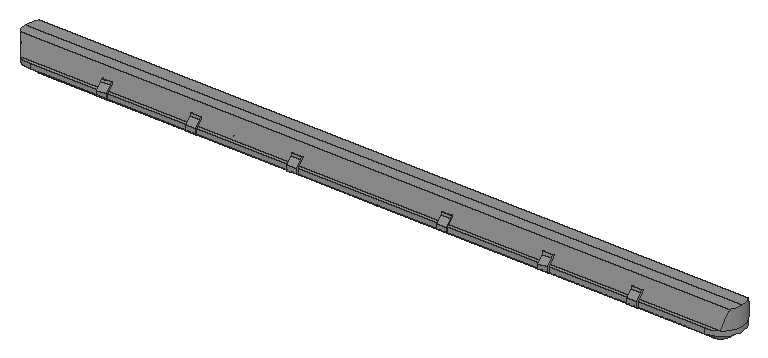
Revit family "ДСП-01 60 Вт 1500", category Осветительные приборы, Revit 2019 (continued)
Types (2, lengths in mm): name | Файл фотометрической сетки | built-in parameter 1150142 | built-in parameter 1150134 | built-in parameter 1150107 | Артикул | URL
    6 4.6 4.6 4.6 4.6 4.6 4.6 4.6 4.6 4.6 4.6 4.6 4.6 4.6 4.6 4.7 4.7 4.7 4.7 4.7 4.7 4.7 4.7 4.8 4.7 4.8 4.8 4.8 4.7 4.8 4.8 4.8 4.8 4.8 4.8 4.8\r\n291.7 291.5 291.2 290.8 290.3 289.7 289 288.2 287.3 286.3 285.2 284 282.7 281.4 279.9 278.4 276.7 275 273.1 271.2 269.2 267.2 265 262.8 260.4 258.1 255.5 253 250.3 247.6 244.7 241.9 238.9 236 232.9 229.9 226.7 223.5 220.2 216.9 213.4 209.9 206.3 202.7 198.9 195.1 191.1 187.3 183.3 179.3 175.3 171.4 167.3 163.3 159.3 155.3 151.2 147.2 143.2 139.1 135 130.8 126.7 122.6 118.4 114.3 110.4 106.3 102.4 98.5 94.7 90.9 87.2 83.4 79.7 76.1 72.5 68.9 65.5 61.9 58.5 55 51.6 48.2 45 41.9 39 36.1 33.1 30.2 27.3 24.2 20.9 17.9 16.1 15.1 14.6 13.9 13.2 12.3 11.5 10.7 9.9 9.2 8.6 8 7.4 6.9 6.3 5.9 5.5 5.1 4.8 4.7 4.6 4.5 4.5 4.5 4.5 4.5 4.5 4.5 4.5 4.5 4.5 4.5 4.5 4.5 4.5 4.6 4.5 4.5 4.6 4.6 4.6 4.6 4.6 4.6 4.6 4.6 4.6 4.6 4.6 4.7 4.7 4.7 4.7 4.7 4.7 4.7 4.7 4.7 4.7 4.7 4.7 4.7 4.8 4.8 4.8 4.7 2.4\r\n291.8 291.5 291.2 290.8 290.3 289.7 289 288.2 287.3 286.3 285.2 284 282.7 281.3 279.9 278.4 276.6 274.9 273.1 271.2 269.2 267.1 265 262.7 260.4 258.1 255.5 252.9 250.2 247.5 244.6 241.8 238.8 235.9 232.9 229.8 226.6 223.4 220.1 216.8 213.2 209.7 206 202.4 198.6 194.8 190.8 186.9 182.8 178.9 174.7 170.7 166.6 162.5 158.5 154.4 150.3 146.1 142.1 137.9 133.8 129.6 125.4 121.2 117 112.7 108.6 104.5 100.5 96.6 92.7 88.8 85 81.2 77.5 73.8 70.2 66.5 63 59.5 56 52.6 49.2 45.7 42.5 39.4 36.5 33.6 30.6 27.7 24.8 21.7 18.3 15.6 14.1 13.4 13 12.3 11.5 10.8 10 9.3 8.7 8.1 7.6 7.1 6.5 6 5.6 5.2 4.9 4.6 4.5 4.5 4.5 4.4 4.5 4.5 4.5 4.5 4.5 4.5 4.5 4.5 4.5 4.5 4.5 4.5 4.5 4.5 4.5 4.5 4.5 4.5 4.5 4.5 4.5 4.5 4.6 4.6 4.6 4.6 4.6 4.6 4.6 4.6 4.6 4.6 4.6 4.7 4.7 4.7 4.7 4.7 4.7 4.7 4.7 4.7 4.7 4.7 0\r\n291.8 291.5 291.2 290.8 290.2 289.6 288.9 288 287.1 286.1 284.9 283.7 282.4 281 279.5 278 276.2 274.5 272.6 270.7 268.6 266.5 264.3 262 259.7 257.3 254.7 252.1 249.4 246.7 243.8 241 237.9 234.9 231.8 228.7 225.5 222.3 218.9 215.6 212 208.4 204.6 200.9 196.9 193 189 185.2 181.1 177.2 173.2 169.2 165.1 161 156.8 152.7 148.4 144.2 140.1 135.8 131.7 127.5 123.3 119 114.8 110.4 106.2 102 97.9 93.8 89.8 85.9 82 78.1 74.3 70.5 66.9 63.2 59.7 56.2 52.7 49.3 45.9 42.5 39.2 36.1 33.3 30.3 27.4 24.5 21.7 18.8 15.8 13.4 12.3 11.8 11.3 10.6 10 9.3 8.7 8.1 7.6 7.1 6.6 6.1 5.7 5.3 5 4.8 4.6 4.5 4.4 4.4 4.4 4.4 4.4 4.4 4.5 4.4 4.4 4.4 4.4 4.4 4.4 4.4 4.5 4.4 4.4 4.5 4.4 4.5 4.5 4.5 4.5 4.5 4.5 4.5 4.6 4.5 4.6 4.6 4.6 4.6 4.6 4.6 4.6 4.6 4.6 4.6 4.6 4.7 4.6 4.7 4.7 4.7 4.7 4.7 4.7 4.7 2.4\r\n291.7 291.5 291.1 290.7 290.1 289.4 288.7 287.8 286.9 285.8 284.7 283.4 282 280.6 279.1 277.5 275.8 274 272.1 270.2 268.1 265.9 263.7 261.4 259 256.5 254 251.4 248.6 245.8 242.9 240.1 237 234 230.8 227.7 224.4 221.2 217.8 214.4 210.7 207.1 203.2 199.3 195.3 191.3 187.3 183.4 179.5 175.6 171.6 167.7 163.6 159.5 155.2 150.9 146.6 142.3 138.1 133.8 129.6 125.4 121.2 116.9 112.5 108.2 103.8 99.5 95.2 91 86.9 82.9 79 75 71.2 67.2 63.6 59.8 56.3 52.8 49.4 46 42.7 39.2 35.9 32.8 30 27.1 24.2 21.3 18.6 15.9 13.2 11.2 10.4 10.1 9.6 9 8.4 7.8 7.3 6.8 6.5 6.1 5.6 5.2 4.9 4.7 4.5 4.4 4.4 4.3 4.4 4.4 4.3 4.4 4.4 4.4 4.4 4.4 4.4 4.4 4.4 4.3 4.4 4.4 4.4 4.4 4.4 4.4 4.4 4.4 4.4 4.5 4.4 4.5 4.5 4.5 4.5 4.5 4.5 4.5 4.6 4.5 4.5 4.5 4.5 4.5 4.6 4.6 4.6 4.6 4.6 4.7 4.6 4.7 4.7 4.7 4.7 4.7 4.7\r\n291.8 291.5 291.2 290.7 290.1 289.5 288.7 287.9 286.9 285.9 284.7 283.5 282.1 280.7 279.2 277.6 275.8 274.1 272.2 270.2 268.1 266 263.8 261.5 259.1 256.6 254.1 251.5 248.7 245.9 243.1 240.2 237.2 234.2 231 227.9 224.6 221.3 217.8 214.4 210.8 207.1 203.3 199.5 195.5 191.5 187.5 183.6 179.6 175.6 171.6 167.6 163.5 159.4 155.1 150.9 146.6 142.3 138 133.6 129.3 124.9 120.6 116.3 111.9 107.5 103.2 98.8 94.6 90.3 86.1 81.8 77.8 73.7 69.7 65.7 62 58.2 54.6 51.1 47.7 44.3 41 37.5 34.3 31.1 28.2 25.3 22.5 19.6 16.8 14.3 11.8 10.1 9.3 8.9 8.5 7.9 7.4 6.9 6.5 6.1 5.8 5.4 5.1 4.8 4.6 4.4 4.3 4.3 4.3 4.3 4.3 4.3 4.3 4.3 4.3 4.3 4.3 4.3 4.3 4.3 4.3 4.3 4.3 4.3 4.4 4.3 4.3 4.4 4.4 4.4 4.4 4.4 4.4 4.4 4.5 4.5 4.5 4.5 4.5 4.5 4.5 4.5 4.5 4.5 4.5 4.6 4.6 4.6 4.6 4.6 4.6 4.7 4.6 4.7 4.7 4.7 4.7 4.7 2.4\r\n291.8 291.5 291.2 290.7 290.2 289.5 288.8 287.9 286.9 285.9 284.8 283.5 282.1 280.8 279.2 277.7 275.9 274.2 272.2 270.3 268.2 266.1 263.8 261.6 259.2 256.7 254.2 251.6 248.8 246 243.2 240.4 237.3 234.4 231.2 228.1 224.8 221.4 217.9 214.4 210.8 207.2 203.4 199.6 195.8 191.8 187.8 183.8 179.7 175.7 171.6 167.5 163.4 159.3 155.1 150.9 146.6 142.3 137.9 133.5 129.1 124.5 120.1 115.7 111.3 106.9 102.7 98.2 93.9 89.5 85.2 80.8 76.6 72.3 68.3 64.2 60.5 56.6 53 49.4 46 42.6 39.3 35.9 32.6 29.3 26.4 23.5 20.8 17.8 15.1 12.6 10.5 8.9 8.3 7.8 7.3 6.9 6.5 6 5.8 5.4 5.1 4.8 4.5 4.4 4.3 4.2 4.2 4.2 4.2 4.2 4.2 4.2 4.3 4.3 4.2 4.2 4.2 4.2 4.2 4.3 4.3 4.2 4.3 4.3 4.3 4.3 4.3 4.4 4.4 4.4 4.4 4.4 4.4 4.4 4.4 4.5 4.5 4.5 4.5 4.5 4.5 4.5 4.5 4.5 4.5 4.6 4.5 4.6 4.6 4.6 4.6 4.7 4.7 4.7 4.7 4.7 4.7 4.7 0\r\n291.8 291.6 291.2 290.8 290.2 289.6 288.8 287.9 286.9 285.9 284.7 283.5 282.1 280.7 279.1 277.6 275.7 274 272.1 270.1 268 265.9 263.6 261.3 258.9 256.5 253.9 251.3 248.5 245.8 242.9 240 237 233.9 230.7 227.5 224.2 220.8 217.3 213.9 210.2 206.7 202.9 199.2 195.3 191.4 187.4 183.4 179.3 175.3 171.2 167.1 162.9 158.7 154.4 150.2 145.8 141.4 137 132.5 128.1 123.5 119.1 114.6 110.2 105.6 101.2 96.6 92.2 87.7 83.2 78.7 74.4 70.1 65.9 61.7 57.8 53.8 50 46.3 42.8 39.3 36 32.7 29.4 26.3 23.3 20.5 17.8 15 12.5 10.4 8.8 7.6 7 6.6 6.2 5.9 5.6 5.3 5 4.8 4.6 4.4 4.3 4.2 4.1 4.1 4.1 4.1 4.1 4.1 4.1 4.1 4.1 4.1 4.1 4.1 4.1 4.1 4.1 4.1 4.1 4.1 4.2 4.2 4.2 4.2 4.2 4.3 4.3 4.3 4.3 4.3 4.4 4.4 4.4 4.4 4.4 4.4 4.4 2.2 2.2 2.3 2.3 2.3 2.3 2.3 2.3 2.3 2.3 2.3 2.3 2.3 2.3 2.3 2.3 2.3 2.3 2.4 0\r\n291.9 291.6 291.2 290.8 290.3 289.6 288.8 287.9 286.9 285.9 284.7 283.5 282.1 280.7 279.1 277.5 275.6 273.9 272 270 267.8 265.6 263.4 261.1 258.7 256.2 253.6 251 248.2 245.5 242.7 239.7 236.6 233.5 230.2 227 223.6 220.3 216.7 213.3 209.7 206.1 202.3 198.7 194.8 190.9 187 183 178.9 174.9 170.8 166.6 162.4 158.1 153.8 149.4 144.9 140.4 136.1 131.5 127.1 122.6 118.1 113.5 109 104.3 99.7 95 90.5 85.8 81.3 76.7 72.3 67.8 63.5 59.2 55.1 50.9 47.1 43.2 39.6 36.1 32.7 29.4 26.3 23.2 20.3 17.5 14.9 12.1 9.8 8.1 7 6.3 5.8 5.4 5.1 4.9 4.7 4.5 4.3 4.2 4.1 4 4 4 4 4 4 4 4 4 4 4 4 3.9 3.9 4 4 4 4 4 4 4.1 4.1 4.1 4.1 4.2 4.2 4.2 4.2 4.2 4.3 4.3 4.3 4.3 4.3 4.3 4.4 4.4 4.4 0 0 0 0 0 0 0 0 0 0 0 0 0 0 0 0 0 0 0 0\r\n291.9 291.7 291.3 290.8 290.3 289.6 288.8 288 287 285.9 284.8 283.5 282.1 280.6 279 277.4 275.6 273.9 272 270 267.9 265.8 263.4 261.2 258.7 256.2 253.6 251 248.2 245.5 242.6 239.7 236.6 233.5 230.3 227 223.6 220.3 216.8 213.3 209.7 206.1 202.3 198.6 194.7 190.9 186.9 182.9 178.8 174.7 170.5 166.3 162.1 157.8 153.4 149.1 144.6 140 135.5 131 126.5 121.9 117.3 112.7 108.1 103.4 98.7 94 89.3 84.6 80 75.3 70.8 66.2 61.8 57.4 53.2 49 45 41 37.3 33.7 30.3 27.1 24 21 18.2 15.4 13 10.5 8.5 7.1 6.3 5.7 5.3 5 4.8 4.5 4.4 4.2 4.1 4.1 4 4 4 4 4 4 3.9 3.9 3.9 3.9 3.9 3.9 3.9 3.9 3.9 3.9 4 3.9 3.9 4 4 4 4.1 4.1 4.1 4.2 4.2 4.2 4.2 4.2 4.3 4.3 4.3 4.3 4.3 4.3 4.4 4.4 4.4 2.2 2.2 2.2 2.2 2.2 2.2 2.2 2.2 2.3 0 0 0 0 0 0 0 0 0 0 0\r\n291.9 291.7 291.3 290.9 290.3 289.7 288.9 288 287.1 286 284.8 283.4 282 280.4 278.9 277.3 275.6 273.9 272 270.1 268 265.9 263.5 261.2 258.8 256.3 253.7 251 248.2 245.5 242.6 239.6 236.6 233.5 230.3 227.1 223.7 220.3 216.8 213.3 209.7 206 202.3 198.6 194.6 190.8 186.8 182.8 178.6 174.5 170.3 166.1 161.8 157.5 153.1 148.7 144.2 139.6 135 130.4 125.8 121.2 116.6 111.9 107.2 102.5 97.8 93 88.2 83.3 78.7 73.9 69.2 64.6 60.1 55.6 51.3 47 42.9 38.8 35 31.3 27.9 24.7 21.6 18.8 16 13.4 11.2 8.9 7.1 6.1 5.5 5.1 4.8 4.5 4.4 4.2 4.1 4 4 4 3.9 3.9 3.9 3.9 3.9 3.9 3.9 3.9 3.9 3.8 3.9 3.9 3.8 3.9 3.9 3.9 3.9 3.9 3.9 3.9 4 4 4 4 4.1 4.1 4.1 4.2 4.2 4.2 4.3 4.3 4.3 4.3 4.3 4.3 4.4 4.4 4.4 4.4 4.4 4.5 4.4 4.4 4.5 4.5 4.5 4.5 0 0 0 0 0 0 0 0 0 0 0\r\n292 291.7 291.2 290.7 290.1 289.4 288.6 287.7 286.7 285.6 284.4 283 281.6 280.1 278.5 276.9 275.2 273.4 271.5 269.5 267.4 265.2 262.9 260.6 258.1 255.6 253 250.3 247.5 244.7 241.7 238.8 235.8 232.6 229.4 226.2 222.7 219.3 215.8 212.3 208.6 205 201.2 197.5 193.5 189.6 185.5 181.4 177.3 173.1 168.9 164.6 160.2 155.8 151.2 146.7 142.1 137.5 133 128.3 123.7 118.9 114.2 109.5 104.8 100 95.2 90.4 85.6 80.9 76.3 71.6 66.9 62.1 57.6 53 48.6 44.2 39.9 35.7 31.8 28.2 24.8 21.6 18.6 15.9 13.4 11.2 9.2 7.3 6 5.3 4.9 4.6 4.4 4.3 4.2 4.1 4 4 3.9 3.9 3.9 3.8 3.9 3.9 3.8 3.8 3.8 3.8 3.8 3.8 3.8 3.8 3.8 3.8 3.8 3.8 3.8 3.8 3.9 3.9 3.9 4 4 4 4.1 4.1 4.1 4.2 4.2 4.2 4.3 4.3 4.3 4.3 4.3 4.3 4.4 4.4 4.4 4.4 2.2 2.2 2.2 2.2 2.2 2.2 2.2 2.3 0 0 0 0 0 0 0 0 0 0 0\r\n292 291.6 291.2 290.6 289.9 289.1 288.3 287.3 286.3 285.2 284 282.6 281.1 279.7 278.1 276.4 274.7 272.9 270.9 268.9 266.8 264.6 262.3 259.9 257.5 254.9 252.2 249.5 246.7 243.9 240.9 238 234.9 231.8 228.5 225.2 221.8 218.3 214.8 211.2 207.6 204 200.2 196.4 192.4 188.3 184.2 180.1 175.9 171.7 167.5 163.2 158.7 154.2 149.4 144.8 140 135.4 130.9 126.2 121.5 116.6 111.8 107 102.4 97.6 92.7 87.8 83 78.4 73.9 69.2 64.5 59.7 55 50.4 46 41.4 37 32.6 28.7 25 21.7 18.6 15.7 13 10.8 8.9 7.3 5.7 4.9 4.5 4.3 4.2 4.1 4 4 4 3.9 3.9 3.9 3.8 3.8 3.8 3.8 3.8 3.8 3.7 3.8 3.7 3.8 3.8 3.7 3.8 3.8 3.7 3.8 3.8 3.8 3.8 3.8 3.9 3.9 3.9 4 4 4 4.1 4.1 4.2 4.2 4.2 4.3 4.3 4.3 4.3 4.3 4.4 4.4 4.4 4.4 4.5 0 0 0 0 0 0 0 0 0 0 0 0 0 0 0 0 0 0 0\r\n292 291.7 291.3 290.7 290.1 289.3 288.5 287.5 286.5 285.4 284.2 282.8 281.4 279.9 278.3 276.6 274.8 273 271 269 266.8 264.5 262.2 259.8 257.3 254.8 252 249.3 246.4 243.6 240.6 237.5 234.4 231.3 228 224.6 221.1 217.6 214 210.5 206.8 203.2 199.3 195.5 191.4 187.4 183.2 179.2 175 170.9 166.6 162.3 157.8 153.4 148.7 144.1 139.4 134.7 130.2 125.5 120.8 115.9 111.2 106.5 101.8 97 92.2 87.4 82.7 78 73.4 68.6 63.9 59.1 54.4 49.7 45.2 40.6 36.2 31.9 27.9 24 20.5 17.2 14.3 11.6 9.4 7.7 6.2 5.1 4.5 4.3 4.2 4.1 4 4 3.9 3.9 3.9 3.9 3.9 3.8 3.8 3.8 3.8 3.8 3.7 3.8 3.7 3.7 3.8 3.8 3.8 3.7 3.7 3.7 3.7 3.8 3.8 3.8 3.8 3.9 3.9 3.9 4 4 4 4.1 4.1 4.1 4.2 4.2 2.1 2.1 2.2 2.2 2.2 2.2 2.2 2.2 2.2 2.2 0 0 0 0 0 0 0 0 0 0 0 0 0 0 0 0 0 0 0\r\n292.1 291.8 291.4 290.9 290.2 289.5 288.7 287.8 286.7 285.6 284.4 283.1 281.6 280.1 278.5 276.8 275 273.1 271.1 269 266.8 264.5 262.1 259.7 257.2 254.6 251.8 249.1 246.2 243.2 240.2 237.1 233.9 230.7 227.4 224 220.4 216.9 213.3 209.8 206 202.3 198.4 194.5 190.4 186.4 182.3 178.3 174.2 170 165.7 161.4 156.9 152.6 148 143.4 138.7 134 129.5 124.8 120.1 115.2 110.7 106 101.3 96.4 91.7 87 82.3 77.6 72.9 68 63.3 58.5 53.8 49 44.4 39.8 35.4 31.1 27 23 19.3 15.9 12.9 10.3 8 6.4 5.2 4.5 4.2 4.1 4.1 4 4 4 3.9 3.9 3.9 3.8 3.9 3.8 3.8 3.8 3.7 3.8 3.7 3.8 3.7 3.7 3.8 3.7 3.8 3.7 3.7 3.8 3.7 3.7 3.8 3.8 3.8 3.9 3.9 3.9 4 4 4 4.1 4.1 4.1 4.2 4.2 0 0 0 0 0 0 0 0 0 0 0 0 0 0 0 0 0 0 0 0 0 0 0 0 0 0 0 0 0\r\n" | 2 | 5000 (stored number, unit not read) | "14 734" | "http://innolux.pro/katalog/osveshhenie-dlya-obektov-zhkx/dsp-01-60-vt-1500/14734.html"
